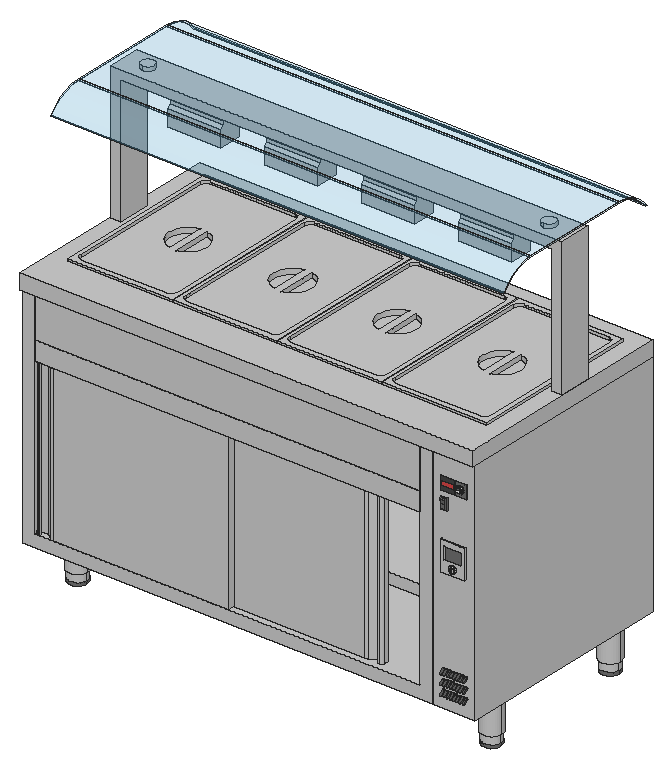
Revit family "QF_INOMAK_MRV714_250606101118", category Specialty Equipment, Revit 2021
Family settings
  Round Connector Dimension = Use Diameter
  Part Type = Normal
  OmniClass Number = 23.40.40.14
  OmniClass Title = Food Service Equipment
  Work Plane-Based = No
  Always vertical = Yes
  Cut with Voids When Loaded = No
  Shared = No
  Room Calculation Point = No
Parameters (values of type "MRV714")
  Weight [instance] = 86.0011 kg
  Waste Water Discharge Temperature [instance] = 0 °C
  Waste Remarks [instance] = ""
  Warranty Start Date [instance] = ""
  Warranty Duration [instance] = ""
  Volts [instance] = 230 V
  Volt Free Conn [instance] = no
  URL Recommended Spares List [instance] = ""
  URL Manufacturer [instance] = ""
  URL Cutsheet [instance] = ""
  URL Critical Spares List [instance] = ""
  URL = "www.inomak.com"
  Technical Documentation [instance] = ""
  Tag Number [instance] = ""
  Status [instance] = ""
  Start Up Current [instance] = 0 A
  Specification by User [instance] = ""
  Specification by Manufacturer [instance] = ""
  Sound Level [instance] = ""
  Show Logo [instance] = yes
  Show Clearances [instance] = yes
  Service Life Duration [instance] = ""
  Serial Number [instance] = ""
  Seismic Rating [instance] = ""
  SMACNA No [instance] = ""
  Revision Code [instance] = ""
  Revision [instance] = ""
  Production Year [instance] = ""
  Potential Equalisation [instance] = no
  Point Load [instance] = 0
  Plumbing Remarks [instance] = ""
  Plumbing Connection Type [instance] = ""
  Phase [instance] = 1
  Other Equipment Approvals [instance] = ""
  Operational Current [instance] = 0 A
  Odor Trap Included [instance] = no
  Number of Poles [instance] = 2
  No Load Power Draw [instance] = no
  National Water Regulation Certification [instance] = no
  NAFEM Spec ID Number [instance] = ""
  Model Warning [instance] = ""
  Model = "MRV714"
  Min Ckt Ampacity [instance] = 0 A
  Max Overcurrent Protection [instance] = 16 A
  Masterspec [instance] = ""
  Manufacturer = "INOMAK"
  Main switch integrated [instance] = no
  Length Actual [instance] = 1405.89 mm
  Item Number [instance] = ""
  Installed By [instance] = ""
  Installation Date [instance] = ""
  Indirect Waste Size [instance] = 25.4 mm
  Indirect Waste Remarks [instance] = ""
  Indirect Waste Flow [instance] = 0.0 L/s
  Indirect Waste Connection Type [instance] = ""
  Indirect Waste Connection Height [instance] = 0 mm
  Identify Quantity as Lot [instance] = no
  ID [instance] = ""
  Hygiene Approval [instance] = ""
  Height Actual [instance] = 1312.926 mm
  HP power [instance] = ""
  Furnished By [instance] = ""
  Foodservice Equipment Identifier [instance] = no
  FL Amps [instance] = 11 A
  Electrical Remarks [instance] = ""
  Electric power [instance] = 2520 W
  Electric Connection Type [instance] = ""
  Elec Conn RI Height [instance] = 0 mm
  Elec Conn Connection Height [instance] = 0 mm
  ETL Approved [instance] = no
  Direct Waste Water Discharge Temperature [instance] = -273.15 °C
  Direct Waste Size [instance] = 25.4 mm
  Direct Waste RI Height [instance] = 0 mm
  Direct Waste Flow [instance] = 0.0 L/s
  Direct Waste Connection Height [instance] = 0 mm
  Description = "BAIN MARIE ON CUPBOARD WITH 3 GN PANS CAPACITY AND DOUBLE SNEEZE GUARD"
  Depth Actual [instance] = 700.024 mm
  Default Elevation = 0 mm
  Cycle [instance] = 50 Hz
  Cost = 0
  Connection to energy optimisation system [instance] = yes
  Conn Plug [instance] = ""
  Conn Conduit [instance] = no
  Cold Water Temperature Recommended [instance] = 0 °C
  Cold Water Size [instance] = 12.7 mm
  Cold Water Remarks [instance] = ""
  Cold Water RI Height [instance] = 0 mm
  Cold Water Quality [instance] = ""
  Cold Water Minimum Pressure [instance] = 200000.0 Pa
  Cold Water Maximum Pressure [instance] = 600000.0 Pa
  Cold Water Flow [instance] = 0.0 L/s
  Cold Water Connection Type [instance] = ""
  Cold Water Connection Height [instance] = 0 mm
  Centralized building control system with digital interface [instance] = ""
  CSI MasterFormat [instance] = ""
  CE Approved [instance] = no
  Barcode [instance] = 0
  Author [instance] = ""
  Asset Identifier [instance] = ""
  Apparent Power [instance] = 2520 VA
  Accessory [instance] = no
Reference planes
  plane 1 "Center (Front/Back)": y = 0
  plane 2: z = 0
  plane 3 "Center (Left/Right)": x = 0
Forms (mm)
  Extrusion 1, solid, not visible
    sketch origin (110.005, -510.025, 146.007) x (1, 0, 0) y (0, 1, 0)
      loop
        line (-2, 2) -> (-2, -2) -> (2, -2) -> (2, 2) -> (-2, 2)
    from -2 to 2
  Extrusion 2, solid, not visible
    sketch origin (110.005, -410.02, 146.007) x (1, 0, 0) y (0, 1, 0)
      loop
        line (-2, 2) -> (-2, -2) -> (2, -2) -> (2, 2) -> (-2, 2)
    from -2 to 2
  Extrusion 3, solid, not visible
    sketch origin (1360.066, -635.031, 146.007) x (1, 0, 0) y (0, 1, 0)
      loop
        line (-2, 2) -> (-2, -2) -> (2, -2) -> (2, 2) -> (-2, 2)
    from -2 to 2
Dimensions and locks
  locked: nested 2 to Extrusion 1 at 2  (x2)
  locked: nested 3 to Extrusion 2 at 2  (x2)
  locked: nested 4 to Extrusion 3 at 2  (x2)
  aligned and locked: level to plane 2
Nested families
  nested 1: "QF_INOMAK_CUPBOARD_BAIN_MARIES_1410_2920" at (0, 0, 144), type "MRV714"
    with Weight 86.0011 kg, Warranty Start Date "", Warranty Duration "", URL Cutsheet "", Technical Documentation "", Tag Number "", Status "", Specification by User "", Specification by Manufacturer "", Sound Level "", Solid Fuel Type "", Show Logo yes, Show Clearances yes, Service Life Duration "", Serial Number "", Seismic Rating "", SMACNA No "", Revision Code "", Revision "", Production Year "", Point Load 0, Other Equipment Approvals "", NAFEM Spec ID Number "", Model Warning "", Masterspec "", Length Actual 1405.89 mm, Item Number "", Installed By "", Installation Date "", Identify Quantity as Lot yes, ID "", Hygiene Approval "", Height Actual 1312.926 mm, Furnished By "", Foodservice Equipment Identifier yes, ETL Approved yes, Depth Actual 700.024 mm, CSI MasterFormat "", CE Approved yes, Barcode "", Author "", Asset Identifier "", Accessory no
  nested 2: "CONN_POINT_COLDWATER_2D___Generic_Annotation" at (110.005, -510.025, 144.007), type "CONN_POINT_COLDWATER_2D___Generic_Annotation"
    with Onboard connection annotation symbol visibility yes
  nested 3: "CONN_POINT_DRAIN_2D___Generic_Annotation" at (110.005, -410.02, 144.007), type "CONN_POINT_DRAIN_2D___Generic_Annotation"
    with Onboard connection annotation symbol visibility yes
  nested 4: "CONN_POINT_ELE_2D___Generic_Annotation" at (1360.066, -635.031, 144.007), type "CONN_POINT_ELE_2D___Generic_Annotation"
    with Onboard connection annotation symbol visibility yes
  nested 5: "QF_INOMAK_HEAT_WORKTOPS_HTDS_1410_5042" at (0, 0, 900), type "HTDS-1410-630"
    with Weight 0.00 kg, Warranty Start Date "", Warranty Duration "", URL Cutsheet "", Technical Documentation "", Tag Number "", Status "", Specification by User "", Specification by Manufacturer "", Sound Level "", Solid Fuel Type "", Show Logo yes, Show Clearances yes, Service Life Duration "", Serial Number "", Seismic Rating "", SMACNA No "", Revision Code "", Revision "", Production Year "", Point Load 0, Other Equipment Approvals "", NAFEM Spec ID Number "", Model Warning "", Masterspec "", Length Actual 1405.89 mm, Item Number "", Installed By "", Installation Date "", Identify Quantity as Lot yes, ID "", Hygiene Approval "", Height Actual 439.928 mm, Furnished By "", Foodservice Equipment Identifier yes, ETL Approved yes, Depth Actual 629.92 mm, CSI MasterFormat "", CE Approved yes, Barcode "", Author "", Asset Identifier "", Accessory yes
  nested 6: "QF_INOMAK_LEGS_6114" at (0, 0, 0), type "LG-1410-700"
    with Weight 0.00 kg, Warranty Start Date "", Warranty Duration "", URL Cutsheet "", Technical Documentation "", Tag Number "", Status "", Specification by User "", Specification by Manufacturer "", Sound Level "", Solid Fuel Type "", Show Logo yes, Show Clearances yes, Service Life Duration "", Serial Number "", Seismic Rating "", SMACNA No "", Revision Code "", Revision "", Production Year "", Point Load 0, Other Equipment Approvals "", NAFEM Spec ID Number "", Model Warning "", Masterspec "", Length Actual 1405.89 mm, Item Number "", Installed By "", Installation Date "", Identify Quantity as Lot yes, ID "", Hygiene Approval "", Height Actual 144.018 mm, Furnished By "", Foodservice Equipment Identifier yes, ETL Approved yes, Depth Actual 700.024 mm, CSI MasterFormat "", CE Approved yes, Barcode "", Author "", Asset Identifier "", Accessory yes
Connectors
  piping at (110.005, -510.025, 144.007), diameter 12.7, driven by "Cold Water Size", driven by "Cold Water Flow"
    settings: on Extrusion 1, index 1, connector inside diameter 609.6 mm, connector length 0 mm, flow factor 0, pipe flow 0.0 L/s, pressure drop 0.0 Pa, fitting loss kfactor 0, connector angle 0.00°, fixture units 0, engagement length 0 mm, angle of deflection 0.00°, flow configuration 1, flow direction 1, fitting loss method 0, system type 20, joint type 0, gender type 0, connector reference index -1, connector utility 0, adjustable connector no, is connector primary yes, connector description "Cold Water connection for MRV714"
  piping at (110.005, -410.02, 144.007), diameter 25.4, driven by "Indirect Waste Size", driven by "Direct Waste Flow"
    settings: on Extrusion 2, index 2, connector inside diameter 609.6 mm, connector length 0 mm, flow factor 0, pipe flow 0.0 L/s, pressure drop 0.0 Pa, fitting loss kfactor 0, connector angle 0.00°, fixture units 0, engagement length 0 mm, angle of deflection 0.00°, flow configuration 1, flow direction 2, fitting loss method 0, system type 16, joint type 0, gender type 0, connector reference index -1, connector utility 0, adjustable connector no, is connector primary no, connector description "Waste connection for MRV714"
  electrical at (1360.066, -635.031, 144.007), driven by "Apparent Power", driven by "Number of Poles", driven by "Volts"
    settings: on Extrusion 3, index 3, voltage 230 V, apparent load 0 VA, apparent load phase1 2520 VA, apparent load phase2 0 VA, apparent load phase3 0 VA, power factor 1, load classification "Other", number of poles 2, system type 31, power factor state 1, is connector primary yes, connector utility no, sub classification motor no, connector description "Electrical connection for MRV714"
Definition of nested family "QF_INOMAK_CUPBOARD_BAIN_MARIES_1410_2920"
  Parameters (values of type "MFV714")
    Weight [instance] = 0.00 kg
    Warranty Start Date [instance] = ""
    Warranty Duration [instance] = ""
    URL Cutsheet [instance] = ""
    URL = "www.inomak.com"
    Technical Documentation [instance] = ""
    Tag Number [instance] = ""
    Status [instance] = ""
    Specification by User [instance] = ""
    Specification by Manufacturer [instance] = ""
    Sound Level [instance] = ""
    Solid Fuel Type [instance] = ""
    Show Logo [instance] = yes
    Show Clearances [instance] = yes
    Service Life Duration [instance] = ""
    Serial Number [instance] = ""
    Seismic Rating [instance] = ""
    SMACNA No [instance] = ""
    Revision Code [instance] = ""
    Revision [instance] = ""
    Production Year [instance] = ""
    Point Load [instance] = 0
    Other Equipment Approvals [instance] = ""
    NAFEM Spec ID Number [instance] = ""
    Model Warning [instance] = ""
    Model = "MFV714"
    Masterspec [instance] = ""
    Manufacturer = "INOMAK"
    Length Actual [instance] = 0 mm
    Item Number [instance] = ""
    Installed By [instance] = ""
    Installation Date [instance] = ""
    Identify Quantity as Lot [instance] = yes
    ID [instance] = ""
    Hygiene Approval [instance] = ""
    Height Actual [instance] = 0 mm
    Furnished By [instance] = ""
    Foodservice Equipment Identifier [instance] = yes
    ETL Approved [instance] = yes
    Description = "BAIN MARIE ON CUPBOARD WITH 3 GN PANS CAPACITY AND SHOWCASE"
    Depth Actual [instance] = 0 mm
    Default Elevation = 0 mm
    CSI MasterFormat [instance] = ""
    CE Approved [instance] = yes
    Barcode [instance] = ""
    Author [instance] = ""
    Asset Identifier [instance] = ""
    Assembly Code = "E1090320"
    Accessory [instance] = yes
  Types (10, lengths in mm): name | Model | Description
    MFV714 | "MFV714" | "BAIN MARIE ON CUPBOARD WITH 3 GN PANS CAPACITY AND SHOWCASE"
    MDV714 | "MDV714" | "BAIN MARIE ON CUPBOARD WITH 3 GN PANS CAPACITY"
    MVV714 | "MVV714" | "BAIN MARIE ON CUPBOARD WITH 3 GN PANS CAPACITY AND SINGLE SNEEZE GUARD"
    MRV714 | "MRV714" | "BAIN MARIE ON CUPBOARD WITH 3 GN PANS CAPACITY AND DOUBLE SNEEZE GUARD"
    MFSQ714 | "MFSQ714" | "BAIN MARIE ON CUPBOARD WITH 3 GN PANS CAPACITY AND SQUARE SHOWCASE"
    MIV714 | "MIV714" | "BAIN MARIE ON HEATED CUPBOARD WITH 3 GN PANS CAPACITY AND SHOWCASE"
    MHV714 | "MHV714" | "BAIN MARIE ON HEATED CUPBOARD WITH 3 GN PANS CAPACITY"
    MJV714 | "MJV714" | "BAIN MARIE ON HEATED CUPBOARD WITH 3 GN PANS CAPACITY AND SINGLE SNEEZE GUARD"
    MQV714 | "MQV714" | "BAIN MARIE ON HEATED CUPBOARD WITH 3 GN PANS CAPACITY AND DOUBLE SNEEZE GUARD"
    MISQ714 | "MISQ714" | "BAIN MARIE ON HEATED CUPBOARD WITH 3 GN PANS CAPACITY AND SQUARE SHOWCASE"
  Reference planes
    plane 1 "Back": y = 0
    plane 2: z = 0
    plane 3 "Left": x = 0
    plane 4 "Right": x = 1406
    plane 5 "Front": y = -700
    plane 6 "Top": z = 756
  Forms (mm)
    Extrusion 1, solid
      sketch origin (784.283, -707, -123.631) x (-1, 0, 0) y (0, 0, 1)
        loop
          arc (-522.253, 235.165) -> (-526.351, 236.263) -> (-527.449, 232.165) r 3
          line (-527.449, 232.165) -> (-518.449, 216.577)
          arc (-518.449, 216.577) -> (-514.351, 215.479) -> (-513.253, 219.577) r 3
          line (-513.253, 219.577) -> (-522.253, 235.165)
        loop
          arc (-532.253, 235.165) -> (-536.351, 236.263) -> (-537.449, 232.165) r 3
          line (-537.449, 232.165) -> (-528.449, 216.577)
          arc (-528.449, 216.577) -> (-524.351, 215.479) -> (-523.253, 219.577) r 3
          line (-523.253, 219.577) -> (-532.253, 235.165)
        loop
          arc (-542.253, 235.165) -> (-546.351, 236.263) -> (-547.449, 232.165) r 3
          line (-547.449, 232.165) -> (-538.449, 216.577)
          arc (-538.449, 216.577) -> (-534.351, 215.479) -> (-533.253, 219.577) r 3
          line (-533.253, 219.577) -> (-542.253, 235.165)
        loop
          arc (-552.253, 235.165) -> (-556.351, 236.263) -> (-557.449, 232.165) r 3
          line (-557.449, 232.165) -> (-548.449, 216.577)
          arc (-548.449, 216.577) -> (-544.351, 215.479) -> (-543.253, 219.577) r 3
          line (-543.253, 219.577) -> (-552.253, 235.165)
        loop
          arc (-562.253, 235.165) -> (-566.351, 236.263) -> (-567.449, 232.165) r 3
          line (-567.449, 232.165) -> (-558.449, 216.577)
          arc (-558.449, 216.577) -> (-554.351, 215.479) -> (-553.253, 219.577) r 3
          line (-553.253, 219.577) -> (-562.253, 235.165)
        loop
          arc (-572.253, 235.165) -> (-576.351, 236.263) -> (-577.449, 232.165) r 3
          line (-577.449, 232.165) -> (-568.449, 216.577)
          arc (-568.449, 216.577) -> (-564.351, 215.479) -> (-563.253, 219.577) r 3
          line (-563.253, 219.577) -> (-572.253, 235.165)
        loop
          arc (-582.253, 235.165) -> (-586.351, 236.263) -> (-587.449, 232.165) r 3
          line (-587.449, 232.165) -> (-578.449, 216.577)
          arc (-578.449, 216.577) -> (-574.351, 215.479) -> (-573.253, 219.577) r 3
          line (-573.253, 219.577) -> (-582.253, 235.165)
        loop
          arc (-592.253, 235.165) -> (-596.351, 236.263) -> (-597.449, 232.165) r 3
          line (-597.449, 232.165) -> (-588.449, 216.577)
          arc (-588.449, 216.577) -> (-584.351, 215.479) -> (-583.253, 219.577) r 3
          line (-583.253, 219.577) -> (-592.253, 235.165)
        loop
          arc (-522.253, 205.165) -> (-526.351, 206.263) -> (-527.449, 202.165) r 3
          line (-527.449, 202.165) -> (-518.449, 186.577)
          arc (-518.449, 186.577) -> (-514.351, 185.479) -> (-513.253, 189.577) r 3
          line (-513.253, 189.577) -> (-522.253, 205.165)
        loop
          arc (-532.253, 205.165) -> (-536.351, 206.263) -> (-537.449, 202.165) r 3
          line (-537.449, 202.165) -> (-528.449, 186.577)
          arc (-528.449, 186.577) -> (-524.351, 185.479) -> (-523.253, 189.577) r 3
          line (-523.253, 189.577) -> (-532.253, 205.165)
        loop
          arc (-542.253, 205.165) -> (-546.351, 206.263) -> (-547.449, 202.165) r 3
          line (-547.449, 202.165) -> (-538.449, 186.577)
          arc (-538.449, 186.577) -> (-534.351, 185.479) -> (-533.253, 189.577) r 3
          line (-533.253, 189.577) -> (-542.253, 205.165)
        loop
          arc (-552.253, 205.165) -> (-556.351, 206.263) -> (-557.449, 202.165) r 3
          line (-557.449, 202.165) -> (-548.449, 186.577)
          arc (-548.449, 186.577) -> (-544.351, 185.479) -> (-543.253, 189.577) r 3
          line (-543.253, 189.577) -> (-552.253, 205.165)
        loop
          arc (-562.253, 205.165) -> (-566.351, 206.263) -> (-567.449, 202.165) r 3
          line (-567.449, 202.165) -> (-558.449, 186.577)
          arc (-558.449, 186.577) -> (-554.351, 185.479) -> (-553.253, 189.577) r 3
          line (-553.253, 189.577) -> (-562.253, 205.165)
        loop
          arc (-572.253, 205.165) -> (-576.351, 206.263) -> (-577.449, 202.165) r 3
          line (-577.449, 202.165) -> (-568.449, 186.577)
          arc (-568.449, 186.577) -> (-564.351, 185.479) -> (-563.253, 189.577) r 3
          line (-563.253, 189.577) -> (-572.253, 205.165)
        loop
          arc (-582.253, 205.165) -> (-586.351, 206.263) -> (-587.449, 202.165) r 3
          line (-587.449, 202.165) -> (-578.449, 186.577)
          arc (-578.449, 186.577) -> (-574.351, 185.479) -> (-573.253, 189.577) r 3
          line (-573.253, 189.577) -> (-582.253, 205.165)
        loop
          arc (-592.253, 205.165) -> (-596.351, 206.263) -> (-597.449, 202.165) r 3
          line (-597.449, 202.165) -> (-588.449, 186.577)
          arc (-588.449, 186.577) -> (-584.351, 185.479) -> (-583.253, 189.577) r 3
          line (-583.253, 189.577) -> (-592.253, 205.165)
        loop
          arc (-522.253, 175.165) -> (-526.351, 176.263) -> (-527.449, 172.165) r 3
          line (-527.449, 172.165) -> (-518.449, 156.577)
          arc (-518.449, 156.577) -> (-514.351, 155.479) -> (-513.253, 159.577) r 3
          line (-513.253, 159.577) -> (-522.253, 175.165)
        loop
          arc (-532.253, 175.165) -> (-536.351, 176.263) -> (-537.449, 172.165) r 3
          line (-537.449, 172.165) -> (-528.449, 156.577)
          arc (-528.449, 156.577) -> (-524.351, 155.479) -> (-523.253, 159.577) r 3
          line (-523.253, 159.577) -> (-532.253, 175.165)
        loop
          arc (-542.253, 175.165) -> (-546.351, 176.263) -> (-547.449, 172.165) r 3
          line (-547.449, 172.165) -> (-538.449, 156.577)
          arc (-538.449, 156.577) -> (-534.351, 155.479) -> (-533.253, 159.577) r 3
          line (-533.253, 159.577) -> (-542.253, 175.165)
        loop
          arc (-552.253, 175.165) -> (-556.351, 176.263) -> (-557.449, 172.165) r 3
          line (-557.449, 172.165) -> (-548.449, 156.577)
          arc (-548.449, 156.577) -> (-544.351, 155.479) -> (-543.253, 159.577) r 3
          line (-543.253, 159.577) -> (-552.253, 175.165)
        loop
          arc (-562.253, 175.165) -> (-566.351, 176.263) -> (-567.449, 172.165) r 3
          line (-567.449, 172.165) -> (-558.449, 156.577)
          arc (-558.449, 156.577) -> (-554.351, 155.479) -> (-553.253, 159.577) r 3
          line (-553.253, 159.577) -> (-562.253, 175.165)
        loop
          arc (-572.253, 175.165) -> (-576.351, 176.263) -> (-577.449, 172.165) r 3
          line (-577.449, 172.165) -> (-568.449, 156.577)
          arc (-568.449, 156.577) -> (-564.351, 155.479) -> (-563.253, 159.577) r 3
          line (-563.253, 159.577) -> (-572.253, 175.165)
        loop
          arc (-582.253, 175.165) -> (-586.351, 176.263) -> (-587.449, 172.165) r 3
          line (-587.449, 172.165) -> (-578.449, 156.577)
          arc (-578.449, 156.577) -> (-574.351, 155.479) -> (-573.253, 159.577) r 3
          line (-573.253, 159.577) -> (-582.253, 175.165)
        loop
          arc (-592.253, 175.165) -> (-596.351, 176.263) -> (-597.449, 172.165) r 3
          line (-597.449, 172.165) -> (-588.449, 156.577)
          arc (-588.449, 156.577) -> (-584.351, 155.479) -> (-583.253, 159.577) r 3
          line (-583.253, 159.577) -> (-592.253, 175.165)
      from 16.5 to 18.5
    Extrusion 2, solid
      sketch origin (1092.266, -692, 538.514) x (-1, 0, 0) y (0, 0, 1)
        loop
          line (-208.234, 108.408) -> (-253.234, 108.408) -> (-253.234, 68.408) -> (-208.234, 68.408) -> (-208.234, 108.408)
      from 0 to 2
    Extrusion 3, solid
      sketch origin (370.5, -693, 539.422) x (-1, 0, 0) y (0, 0, 1)
        loop
          line (-950, 15) -> (-930, 15) -> (-930, 50) -> (-950, 50) -> (-950, 15)
      from 0 to 3
    Extrusion 4, solid
      sketch origin (398.5, -568, 539.422) x (0, 1, 0) y (0, 0, 1)
        loop
          line (-125, 18) -> (-125, 47)
          arc (-125, 47) -> (-127.961, 46.812) -> (-130.754, 45.81) r 10.576
          line (-130.754, 45.81) -> (-128, 32.5) -> (-128, 18) -> (-125, 18)
      from 905 to 919
    Extrusion 5, solid
      sketch origin (1137.266, -692, 538.514) x (-1, 0, 0) y (0, 0, 1)
        loop
          line (-208.234, 108.408) -> (-243.234, 108.408) -> (-243.234, 68.408) -> (-208.234, 68.408) -> (-208.234, 108.408)
      from 0 to 2
    Extrusion 6, solid
      sketch origin (1092.266, -692.5, 538.514) x (-1, 0, 0) y (0, 0, 1)
        loop
          line (-213.234, 94.908) -> (-248.234, 94.908) -> (-248.234, 81.908) -> (-213.234, 81.908) -> (-213.234, 94.908)
      from 0 to 2.5
    Extrusion 7, solid
      sketch origin (1092.266, -692.5, 538.514) x (-1, 0, 0) y (0, 0, 1)
        loop
          line (-271.558, 91.171) -> (-275.802, 98.522) -> (-280.047, 91.171) -> (-271.558, 91.171)
        loop
          line (-271.558, 85.645) -> (-280.047, 85.645) -> (-275.802, 78.294) -> (-271.558, 85.645)
        loop
          line (-257.397, 85.645) -> (-267.397, 85.645) -> (-267.397, 78.294) -> (-257.397, 78.294) -> (-257.397, 85.645)
        loop
          line (-265.397, 98.522) -> (-267.397, 98.522) -> (-267.397, 92.322) -> (-259.549, 92.322) -> (-259.549, 91.171) -> (-257.397, 93.322) -> (-259.549, 95.474) -> (-259.549, 94.322) -> (-265.397, 94.322) -> (-265.397, 98.522)
      from 0 to 2.5
    Extrusion 8, solid
      sketch origin (-2, 0, 492) x (1, 0, 0) y (0, 1, 0)
        loop
          line (55, -50) -> (55, -580) -> (380, -580) -> (380, -50) -> (55, -50)
        loop
          arc (87.5, -65) -> (73.358, -70.858) -> (67.5, -85) r 20
          line (67.5, -85) -> (67.5, -545.415)
          arc (67.5, -545.415) -> (73.358, -559.557) -> (87.5, -565.415) r 20
          line (87.5, -565.415) -> (347.5, -565.415)
          arc (347.5, -565.415) -> (361.642, -559.557) -> (367.5, -545.415) r 20
          line (367.5, -545.415) -> (367.5, -85)
          arc (367.5, -85) -> (361.642, -70.858) -> (347.5, -65) r 20
          line (347.5, -65) -> (87.5, -65)
      from 218 to 270
    Extrusion 9, solid
      sketch origin (-2, 0, 485) x (1, 0, 0) y (0, 1, 0)
        loop
          arc (67.5, -545.415) -> (73.358, -559.557) -> (87.5, -565.415) r 20
          line (87.5, -565.415) -> (347.5, -565.415)
          arc (347.5, -565.415) -> (361.642, -559.557) -> (367.5, -545.415) r 20
          line (367.5, -545.415) -> (367.5, -85)
          arc (367.5, -85) -> (361.642, -70.858) -> (347.5, -65) r 20
          line (347.5, -65) -> (87.5, -65)
          arc (87.5, -65) -> (73.358, -70.858) -> (67.5, -85) r 20
          line (67.5, -85) -> (67.5, -545.415)
      from 225 to 270
    Extrusion 10, void
      sketch origin (-2, 0, 500) x (1, 0, 0) y (0, 1, 0)
        loop
          arc (207.5, -256.046) -> (157.5, -315.207) -> (207.5, -374.368) r 60
          line (207.5, -374.368) -> (207.5, -256.046)
        loop
          line (227.5, -256.046) -> (227.5, -374.368)
          arc (227.5, -374.368) -> (277.5, -315.207) -> (227.5, -256.046) r 60
      from 240 to 270
    Extrusion 11, solid
      sketch origin (323, 0, 492) x (1, 0, 0) y (0, 1, 0)
        loop
          line (55, -50) -> (55, -580) -> (380, -580) -> (380, -50) -> (55, -50)
        loop
          arc (87.5, -65) -> (73.358, -70.858) -> (67.5, -85) r 20
          line (67.5, -85) -> (67.5, -545.415)
          arc (67.5, -545.415) -> (73.358, -559.557) -> (87.5, -565.415) r 20
          line (87.5, -565.415) -> (347.5, -565.415)
          arc (347.5, -565.415) -> (361.642, -559.557) -> (367.5, -545.415) r 20
          line (367.5, -545.415) -> (367.5, -85)
          arc (367.5, -85) -> (361.642, -70.858) -> (347.5, -65) r 20
          line (347.5, -65) -> (87.5, -65)
      from 218 to 270
    Extrusion 12, solid
      sketch origin (323, 0, 485) x (1, 0, 0) y (0, 1, 0)
        loop
          arc (67.5, -545.415) -> (73.358, -559.557) -> (87.5, -565.415) r 20
          line (87.5, -565.415) -> (347.5, -565.415)
          arc (347.5, -565.415) -> (361.642, -559.557) -> (367.5, -545.415) r 20
          line (367.5, -545.415) -> (367.5, -85)
          arc (367.5, -85) -> (361.642, -70.858) -> (347.5, -65) r 20
          line (347.5, -65) -> (87.5, -65)
          arc (87.5, -65) -> (73.358, -70.858) -> (67.5, -85) r 20
          line (67.5, -85) -> (67.5, -545.415)
      from 225 to 270
    Extrusion 13, void
      sketch origin (323, 0, 500) x (1, 0, 0) y (0, 1, 0)
        loop
          arc (207.5, -256.046) -> (157.5, -315.207) -> (207.5, -374.368) r 60
          line (207.5, -374.368) -> (207.5, -256.046)
        loop
          line (227.5, -256.046) -> (227.5, -374.368)
          arc (227.5, -374.368) -> (277.5, -315.207) -> (227.5, -256.046) r 60
      from 240 to 270
    Extrusion 14, solid
      sketch origin (973, 0, 492) x (1, 0, 0) y (0, 1, 0)
        loop
          line (55, -50) -> (55, -580) -> (380, -580) -> (380, -50) -> (55, -50)
        loop
          arc (87.5, -65) -> (73.358, -70.858) -> (67.5, -85) r 20
          line (67.5, -85) -> (67.5, -545.415)
          arc (67.5, -545.415) -> (73.358, -559.557) -> (87.5, -565.415) r 20
          line (87.5, -565.415) -> (347.5, -565.415)
          arc (347.5, -565.415) -> (361.642, -559.557) -> (367.5, -545.415) r 20
          line (367.5, -545.415) -> (367.5, -85)
          arc (367.5, -85) -> (361.642, -70.858) -> (347.5, -65) r 20
          line (347.5, -65) -> (87.5, -65)
      from 218 to 270
    Extrusion 15, solid
      sketch origin (973, 0, 485) x (1, 0, 0) y (0, 1, 0)
        loop
          arc (67.5, -545.415) -> (73.358, -559.557) -> (87.5, -565.415) r 20
          line (87.5, -565.415) -> (347.5, -565.415)
          arc (347.5, -565.415) -> (361.642, -559.557) -> (367.5, -545.415) r 20
          line (367.5, -545.415) -> (367.5, -85)
          arc (367.5, -85) -> (361.642, -70.858) -> (347.5, -65) r 20
          line (347.5, -65) -> (87.5, -65)
          arc (87.5, -65) -> (73.358, -70.858) -> (67.5, -85) r 20
          line (67.5, -85) -> (67.5, -545.415)
      from 225 to 270
    Extrusion 16, void
      sketch origin (973, 0, 500) x (1, 0, 0) y (0, 1, 0)
        loop
          arc (207.5, -256.046) -> (157.5, -315.207) -> (207.5, -374.368) r 60
          line (207.5, -374.368) -> (207.5, -256.046)
        loop
          line (227.5, -256.046) -> (227.5, -374.368)
          arc (227.5, -374.368) -> (277.5, -315.207) -> (227.5, -256.046) r 60
      from 240 to 270
    Extrusion 17, solid
      sketch origin (0, 0, 710) x (1, 0, 0) y (0, 1, 0)
        loop
          line (0, 0) -> (0, -700) -> (1406, -700) -> (1406, 0) -> (0, 0)
        loop
          line (53, -50) -> (53, -580) -> (1353, -580) -> (1353, -50) -> (53, -50)
      from 0 to 46
    Extrusion 18, solid
      sketch origin (0, 0, 0) x (1, 0, 0) y (0, 1, 0)
        loop
          line (0, -690) -> (40, -690) -> (40, -40) -> (1235, -40) -> (1235, -690) -> (1275, -690) -> (1275, 0) -> (0, 0) -> (0, -690)
      from 0 to 710
    Extrusion 19, solid
      sketch origin (303, 0, 0) x (1, 0, 0) y (0, 1, 0)
        loop
          line (972, 0) -> (972, -690) -> (1103, -690) -> (1103, 0) -> (972, 0)
      from 0 to 710
    Extrusion 20, solid
      sketch origin (-130, -690, 0) x (-1, 0, 0) y (0, 1, 0)
        loop
          line (-170, 10) -> (-170, 20) -> (-770, 20) -> (-770, 0) -> (-226.156, 0)
          arc (-226.156, 0) -> (-220.272, 0.885) -> (-214.91, 3.461) r 20
          line (-214.91, 3.461) -> (-195, 17) -> (-173, 17) -> (-173, 10)
          arc (-173, 10) -> (-175.05, 5.05) -> (-180, 3) r 7
          line (-180, 3) -> (-185.012, 3) -> (-185.012, 0) -> (-180, 0)
          arc (-180, 0) -> (-172.929, 2.929) -> (-170, 10) r 10
      from -40 to -520
    Extrusion 21, solid
      sketch origin (173, -690, 0) x (-1, 0, 0) y (0, 1, 0)
        loop
          arc (-930, 30) -> (-927.071, 22.929) -> (-920, 20) r 10
          line (-920, 20) -> (-914.988, 20) -> (-914.988, 23) -> (-920, 23)
          arc (-920, 23) -> (-924.95, 25.05) -> (-927, 30) r 7
          line (-927, 30) -> (-927, 37) -> (-905, 37) -> (-885.09, 23.461)
          arc (-885.09, 23.461) -> (-879.728, 20.885) -> (-873.844, 20) r 20
          line (-873.844, 20) -> (-325, 20) -> (-325, 40) -> (-930, 40) -> (-930, 30)
      from -40 to -520
    Extrusion 22, solid
      sketch origin (0, 0, 0) x (1, 0, 0) y (0, 1, 0)
        loop
          line (40, -40) -> (40, -690) -> (1235, -690) -> (1235, -40) -> (40, -40)
      from 0 to 40
    Extrusion 23, solid
      sketch origin (0, 0, 672.314) x (1, 0, 0) y (0, 1, 0)
        loop
          line (40, -40) -> (40, -690) -> (1235, -690) -> (1235, -40) -> (40, -40)
      from -92.314 to 37.686
    Extrusion 24, solid
      sketch origin (0, 0, 610.314) x (1, 0, 0) y (0, 1, 0)
        loop
          line (40, -40) -> (40, -690) -> (1235, -690) -> (1235, -40) -> (40, -40)
      from -90.314 to -30.314
    Extrusion 25, solid
      sketch origin (-2, 0, 252.5) x (1, 0, 0) y (0, 1, 0)
        loop
          line (42, -40) -> (42, -645) -> (1237, -645) -> (1237, -40) -> (42, -40)
      from 0 to 35
    Extrusion 26, solid
      sketch origin (310.002, -695, 50) x (-1, 0, 0) y (0, 0, 1)
        loop
          line (-992.998, 421.076) -> (-1067.998, 421.076) -> (-1067.998, 331.076) -> (-992.998, 331.076) -> (-992.998, 421.076)
        loop
          line (-1003.957, 406.276) -> (-1058.957, 406.276) -> (-1058.957, 366.276) -> (-1003.957, 366.276) -> (-1003.957, 406.276)
      from 0 to 5
    Extrusion 27, solid
      sketch origin (310.002, -692, 50) x (-1, 0, 0) y (0, 0, 1)
        loop
          line (-1003.957, 406.276) -> (-1058.957, 406.276) -> (-1058.957, 366.276) -> (-1003.957, 366.276) -> (-1003.957, 406.276)
      from 0 to 2
    Revolve 28, solid
      sketch origin (1340.5, 59.612, -3292.415) x (0, 1, 0) y (0, 0, 1)
        loop
          line (-757.012, 3691.152) -> (-754.612, 3691.152) -> (-754.612, 3701.789) -> (-757.662, 3701.789) -> (-759.012, 3699.998) -> (-757.012, 3699.998) -> (-757.012, 3691.152)
        axis (-754.612, 3691.152) -> (-759.012, 3691.152)
      angle from 0 to 360
    Extrusion 29, solid
      sketch origin (-751.127, -695, 2689.585) x (-1, 0, 0) y (0, 0, 1)
        loop
          line (-2090.827, -2287.348) -> (-2092.827, -2287.348) -> (-2092.827, -2294.348) -> (-2090.827, -2294.348) -> (-2090.827, -2287.348)
        loop
          circle (-2091.627, -2290.848) r 7.846
      from -4.4 to -2.4
    Extrusion 30, solid
      sketch origin (648, 0, 492) x (1, 0, 0) y (0, 1, 0)
        loop
          line (55, -50) -> (55, -580) -> (380, -580) -> (380, -50) -> (55, -50)
        loop
          arc (87.5, -65) -> (73.358, -70.858) -> (67.5, -85) r 20
          line (67.5, -85) -> (67.5, -545.415)
          arc (67.5, -545.415) -> (73.358, -559.557) -> (87.5, -565.415) r 20
          line (87.5, -565.415) -> (347.5, -565.415)
          arc (347.5, -565.415) -> (361.642, -559.557) -> (367.5, -545.415) r 20
          line (367.5, -545.415) -> (367.5, -85)
          arc (367.5, -85) -> (361.642, -70.858) -> (347.5, -65) r 20
          line (347.5, -65) -> (87.5, -65)
      from 218 to 270
    Extrusion 31, solid
      sketch origin (648, 0, 485) x (1, 0, 0) y (0, 1, 0)
        loop
          arc (67.5, -545.415) -> (73.358, -559.557) -> (87.5, -565.415) r 20
          line (87.5, -565.415) -> (347.5, -565.415)
          arc (347.5, -565.415) -> (361.642, -559.557) -> (367.5, -545.415) r 20
          line (367.5, -545.415) -> (367.5, -85)
          arc (367.5, -85) -> (361.642, -70.858) -> (347.5, -65) r 20
          line (347.5, -65) -> (87.5, -65)
          arc (87.5, -65) -> (73.358, -70.858) -> (67.5, -85) r 20
          line (67.5, -85) -> (67.5, -545.415)
      from 225 to 270
    Extrusion 32, void
      sketch origin (648, 0, 500) x (1, 0, 0) y (0, 1, 0)
        loop
          arc (207.5, -256.046) -> (157.5, -315.207) -> (207.5, -374.368) r 60
          line (207.5, -374.368) -> (207.5, -256.046)
        loop
          line (227.5, -256.046) -> (227.5, -374.368)
          arc (227.5, -374.368) -> (277.5, -315.207) -> (227.5, -256.046) r 60
      from 240 to 270
  Cuts and joins
    Extrusion 10, Extrusion 13 cuts Extrusion 9
    Extrusion 13, Extrusion 16, Extrusion 32 cuts Extrusion 12
    Extrusion 16 cuts Extrusion 15
    joined: Extrusion 18, Extrusion 22
    Extrusion 32 cuts Extrusion 31
  Lines and regions (mm)
    symbolic lines
      curve 1: line (0, 0, 0) -> (1406, 0, 0)
      curve 2: line (0, -700, 0) -> (0, 0, 0)
      curve 3: line (1406, -700, 0) -> (0, -700, 0)
      curve 4: line (1406, 0, 0) -> (1406, -700, 0)
      curve 5: line (53, -50, 0) -> (1353, -50, 0)
      curve 6: line (53, -580, 0) -> (53, -50, 0)
      curve 7: line (1353, -580, 0) -> (53, -580, 0)
      curve 8: line (703, -50, 0) -> (703, -580, 0)
      curve 9: line (378, -50, 0) -> (378, -580, 0)
      curve 10: line (1353, -50, 0) -> (1353, -580, 0)
      curve 11: line (1028, -50, 0) -> (1028, -580, 0)
      curve 12: line (85.5, -65, 0) -> (345.5, -65, 0)
      curve 13: arc (345.5, -65, 0) -> (359.642, -70.858, 0) -> (365.5, -85, 0) r 20
      curve 14: line (365.5, -85, 0) -> (365.5, -545.415, 0)
      curve 15: arc (365.5, -545.415, 0) -> (359.642, -559.557, 0) -> (345.5, -565.415, 0) r 20
      curve 16: line (345.5, -565.415, 0) -> (85.5, -565.415, 0)
      curve 17: arc (85.5, -565.415, 0) -> (71.358, -559.557, 0) -> (65.5, -545.415, 0) r 20
      curve 18: line (65.5, -545.415, 0) -> (65.5, -85, 0)
      curve 19: arc (65.5, -85, 0) -> (71.358, -70.858, 0) -> (85.5, -65, 0) r 20
      curve 20: arc (205.5, -256.046, 0) -> (155.5, -315.207, 0) -> (205.5, -374.368, 0) r 60
      curve 21: line (205.5, -374.368, 0) -> (205.5, -256.046, 0)
      curve 22: line (225.5, -256.046, 0) -> (225.5, -374.368, 0)
      curve 23: arc (225.5, -374.368, 0) -> (275.5, -315.207, 0) -> (225.5, -256.046, 0) r 60
      curve 24: arc (390.5, -85, 0) -> (396.358, -70.858, 0) -> (410.5, -65, 0) r 20
      curve 25: line (410.5, -65, 0) -> (670.5, -65, 0)
      curve 26: arc (670.5, -65, 0) -> (684.642, -70.858, 0) -> (690.5, -85, 0) r 20
      curve 27: line (690.5, -85, 0) -> (690.5, -545.415, 0)
      curve 28: arc (690.5, -545.415, 0) -> (684.642, -559.557, 0) -> (670.5, -565.415, 0) r 20
      curve 29: line (670.5, -565.415, 0) -> (410.5, -565.415, 0)
      curve 30: arc (410.5, -565.415, 0) -> (396.358, -559.557, 0) -> (390.5, -545.415, 0) r 20
      curve 31: line (390.5, -545.415, 0) -> (390.5, -85, 0)
      curve 32: arc (530.5, -256.046, 0) -> (480.5, -315.207, 0) -> (530.5, -374.368, 0) r 60
      curve 33: line (530.5, -374.368, 0) -> (530.5, -256.046, 0)
      curve 34: line (550.5, -256.046, 0) -> (550.5, -374.368, 0)
      curve 35: arc (550.5, -374.368, 0) -> (600.5, -315.207, 0) -> (550.5, -256.046, 0) r 60
      curve 36: line (715.5, -545.415, 0) -> (715.5, -85, 0)
      curve 37: arc (715.5, -85, 0) -> (721.358, -70.858, 0) -> (735.5, -65, 0) r 20
      curve 38: line (735.5, -65, 0) -> (995.5, -65, 0)
      curve 39: arc (995.5, -65, 0) -> (1009.642, -70.858, 0) -> (1015.5, -85, 0) r 20
      curve 40: line (1015.5, -85, 0) -> (1015.5, -545.415, 0)
      curve 41: arc (1015.5, -545.415, 0) -> (1009.642, -559.557, 0) -> (995.5, -565.415, 0) r 20
      curve 42: line (995.5, -565.415, 0) -> (735.5, -565.415, 0)
      curve 43: arc (735.5, -565.415, 0) -> (721.358, -559.557, 0) -> (715.5, -545.415, 0) r 20
      curve 44: arc (855.5, -256.046, 0) -> (805.5, -315.207, 0) -> (855.5, -374.368, 0) r 60
      curve 45: line (855.5, -374.368, 0) -> (855.5, -256.046, 0)
      curve 46: line (875.5, -256.046, 0) -> (875.5, -374.368, 0)
      curve 47: arc (875.5, -374.368, 0) -> (925.5, -315.207, 0) -> (875.5, -256.046, 0) r 60
      curve 48: line (1060.5, -65, 0) -> (1320.5, -65, 0)
      curve 49: arc (1320.5, -65, 0) -> (1334.642, -70.858, 0) -> (1340.5, -85, 0) r 20
      curve 50: line (1340.5, -85, 0) -> (1340.5, -545.415, 0)
      curve 51: arc (1340.5, -545.415, 0) -> (1334.642, -559.557, 0) -> (1320.5, -565.415, 0) r 20
      curve 52: line (1320.5, -565.415, 0) -> (1060.5, -565.415, 0)
      curve 53: arc (1060.5, -565.415, 0) -> (1046.358, -559.557, 0) -> (1040.5, -545.415, 0) r 20
      curve 54: line (1040.5, -545.415, 0) -> (1040.5, -85, 0)
      curve 55: arc (1040.5, -85, 0) -> (1046.358, -70.858, 0) -> (1060.5, -65, 0) r 20
      curve 56: arc (1180.5, -256.046, 0) -> (1130.5, -315.207, 0) -> (1180.5, -374.368, 0) r 60
      curve 57: line (1180.5, -374.368, 0) -> (1180.5, -256.046, 0)
      curve 58: line (1200.5, -256.046, 0) -> (1200.5, -374.368, 0)
      curve 59: arc (1200.5, -374.368, 0) -> (1250.5, -315.207, 0) -> (1200.5, -256.046, 0) r 60
  Dimensions and locks
    plane 3 "Left" to plane 4 "Right" = 1406 mm
    plane 5 "Front" to plane 1 "Back" = 700 mm
    plane 6 "Top" to plane 2 = 756 mm
    aligned and locked: level to plane 2
Definition of nested family "QF_INOMAK_HEAT_WORKTOPS_HTDS_1410_5042"
  Parameters (values of type "HTDS-1410-630")
    Weight [instance] = 0.00 kg
    Warranty Start Date [instance] = ""
    Warranty Duration [instance] = ""
    URL Cutsheet [instance] = ""
    URL = "www.inomak.com"
    Technical Documentation [instance] = ""
    Tag Number [instance] = ""
    Status [instance] = ""
    Specification by User [instance] = ""
    Specification by Manufacturer [instance] = ""
    Sound Level [instance] = ""
    Solid Fuel Type [instance] = ""
    Show Logo [instance] = yes
    Show Clearances [instance] = yes
    Service Life Duration [instance] = ""
    Serial Number [instance] = ""
    Seismic Rating [instance] = ""
    SMACNA No [instance] = ""
    Revision Code [instance] = ""
    Revision [instance] = ""
    Production Year [instance] = ""
    Point Load [instance] = 0
    Other Equipment Approvals [instance] = ""
    NAFEM Spec ID Number [instance] = ""
    Model Warning [instance] = ""
    Model = "HTDS"
    Masterspec [instance] = ""
    Manufacturer = "INOMAK"
    Length Actual [instance] = 0 mm
    Item Number [instance] = ""
    Installed By [instance] = ""
    Installation Date [instance] = ""
    Identify Quantity as Lot [instance] = yes
    ID [instance] = ""
    Hygiene Approval [instance] = ""
    Height Actual [instance] = 0 mm
    Furnished By [instance] = ""
    Foodservice Equipment Identifier [instance] = yes
    ETL Approved [instance] = yes
    Description = "DOUBLE SNEEZE GUARD"
    Depth Actual [instance] = 0 mm
    Default Elevation = 0 mm
    CSI MasterFormat [instance] = ""
    CE Approved [instance] = yes
    Barcode [instance] = ""
    Author [instance] = ""
    Asset Identifier [instance] = ""
    Assembly Code = "E1090320"
    Accessory [instance] = yes
  Reference planes
    plane 1 "Back": y = 0
    plane 2: z = 0
    plane 3 "Left": x = 0
    plane 4 "Right": x = 1406
    plane 5 "Front": y = -630
    plane 6 "Top": z = 440
  Forms (mm)
    Extrusion 1, solid
      sketch origin (1080, 0, -833) x (0, -1, 0) y (0, 0, 1)
        loop
          line (20, 1213.94) -> (25.993, 1213.94)
          arc (25.993, 1213.94) -> (70.349, 1253.652) -> (128.129, 1268) r 123.514
          line (128.129, 1268) -> (471.871, 1268)
          arc (471.871, 1268) -> (529.651, 1253.652) -> (574.007, 1213.94) r 123.514
          line (574.007, 1213.94) -> (580, 1213.94)
          arc (580, 1213.94) -> (533.474, 1257.273) -> (471.871, 1273) r 128.514
          line (471.871, 1273) -> (128.129, 1273)
          arc (128.129, 1273) -> (66.526, 1257.273) -> (20, 1213.94) r 128.514
      from -326 to 1080
    Extrusion 2, solid
      sketch origin (-2, -695.221, -833) x (-1, 0, 0) y (0, 0, 1)
        loop
          line (-5, 833) -> (-5, 1258) -> (-1405, 1258) -> (-1405, 833) -> (-1375, 833) -> (-1375, 1228) -> (-35, 1228) -> (-35, 833) -> (-5, 833)
      from 345.221 to 445.221
    Extrusion 3, solid
      sketch origin (-2, 1874.578, 40) x (0, 1, 0) y (-1, 0, 0)
        loop
          circle (-2174.578, -80) r 20
      from 385 to 395
    Extrusion 4, solid
      sketch origin (324, 1874.578, 40) x (0, 1, 0) y (-1, 0, 0)
        loop
          circle (-2174.578, -1000) r 20
      from 385 to 395
    Extrusion 5, solid
      sketch origin (157, 0, 0) x (0, 1, 0) y (0, 0, 1)
        loop
          line (-265, 395) -> (-335, 395) -> (-335, 385) -> (-324.393, 374.393) -> (-275.607, 374.393) -> (-265, 385) -> (-265, 395)
      from 10 to 175
    Extrusion 6, solid
      sketch origin (167, 0, 0) x (0, 1, 0) y (0, 0, 1)
        loop
          line (-275.607, 374.393) -> (-324.393, 374.393) -> (-324.393, 364.393) -> (-335, 353.787) -> (-335, 305) -> (-265, 305) -> (-265, 353.787) -> (-275.607, 364.393) -> (-275.607, 374.393)
      from 0 to 5
    Extrusion 7, solid
      sketch origin (172, 0, 0) x (0, 1, 0) y (0, 0, 1)
        loop
          line (-275.607, 374.393) -> (-324.393, 374.393) -> (-324.393, 364.393) -> (-335, 353.787) -> (-335, 305) -> (-330, 305) -> (-330, 348.787) -> (-270, 348.787) -> (-270, 305) -> (-265, 305) -> (-265, 353.787) -> (-275.607, 364.393) -> (-275.607, 374.393)
      from 0 to 155
    Extrusion 8, solid
      sketch origin (327, 0, 0) x (0, 1, 0) y (0, 0, 1)
        loop
          line (-275.607, 374.393) -> (-324.393, 374.393) -> (-324.393, 364.393) -> (-335, 353.787) -> (-335, 305) -> (-265, 305) -> (-265, 353.787) -> (-275.607, 364.393) -> (-275.607, 374.393)
      from 0 to 5
    Extrusion 9, solid
      sketch origin (458, 0, 0) x (0, 1, 0) y (0, 0, 1)
        loop
          line (-265, 395) -> (-335, 395) -> (-335, 385) -> (-324.393, 374.393) -> (-275.607, 374.393) -> (-265, 385) -> (-265, 395)
      from 10 to 175
    Extrusion 10, solid
      sketch origin (468, 0, 0) x (0, 1, 0) y (0, 0, 1)
        loop
          line (-275.607, 374.393) -> (-324.393, 374.393) -> (-324.393, 364.393) -> (-335, 353.787) -> (-335, 305) -> (-265, 305) -> (-265, 353.787) -> (-275.607, 364.393) -> (-275.607, 374.393)
      from 0 to 5
    Extrusion 11, solid
      sketch origin (473, 0, 0) x (0, 1, 0) y (0, 0, 1)
        loop
          line (-275.607, 374.393) -> (-324.393, 374.393) -> (-324.393, 364.393) -> (-335, 353.787) -> (-335, 305) -> (-330, 305) -> (-330, 348.787) -> (-270, 348.787) -> (-270, 305) -> (-265, 305) -> (-265, 353.787) -> (-275.607, 364.393) -> (-275.607, 374.393)
      from 0 to 155
    Extrusion 12, solid
      sketch origin (628, 0, 0) x (0, 1, 0) y (0, 0, 1)
        loop
          line (-275.607, 374.393) -> (-324.393, 374.393) -> (-324.393, 364.393) -> (-335, 353.787) -> (-335, 305) -> (-265, 305) -> (-265, 353.787) -> (-275.607, 364.393) -> (-275.607, 374.393)
      from 0 to 5
    Extrusion 13, solid
      sketch origin (1245, 0, 0) x (0, 1, 0) y (0, 0, -1)
        loop
          line (-265, -395) -> (-265, -385) -> (-275.607, -374.393) -> (-324.393, -374.393) -> (-335, -385) -> (-335, -395) -> (-265, -395)
      from 10 to 175
    Extrusion 14, solid
      sketch origin (1235, 0, 0) x (0, 1, 0) y (0, 0, -1)
        loop
          line (-275.607, -374.393) -> (-275.607, -364.393) -> (-265, -353.787) -> (-265, -305) -> (-335, -305) -> (-335, -353.787) -> (-324.393, -364.393) -> (-324.393, -374.393) -> (-275.607, -374.393)
      from 0 to 5
    Extrusion 15, solid
      sketch origin (1230, 0, 0) x (0, 1, 0) y (0, 0, -1)
        loop
          line (-275.607, -374.393) -> (-275.607, -364.393) -> (-265, -353.787) -> (-265, -305) -> (-270, -305) -> (-270, -348.787) -> (-330, -348.787) -> (-330, -305) -> (-335, -305) -> (-335, -353.787) -> (-324.393, -364.393) -> (-324.393, -374.393) -> (-275.607, -374.393)
      from 0 to 155
    Extrusion 16, solid
      sketch origin (1075, 0, 0) x (0, 1, 0) y (0, 0, -1)
        loop
          line (-275.607, -374.393) -> (-275.607, -364.393) -> (-265, -353.787) -> (-265, -305) -> (-335, -305) -> (-335, -353.787) -> (-324.393, -364.393) -> (-324.393, -374.393) -> (-275.607, -374.393)
      from 0 to 5
    Extrusion 17, solid
      sketch origin (944, 0, 0) x (0, 1, 0) y (0, 0, -1)
        loop
          line (-265, -395) -> (-265, -385) -> (-275.607, -374.393) -> (-324.393, -374.393) -> (-335, -385) -> (-335, -395) -> (-265, -395)
      from 10 to 175
    Extrusion 18, solid
      sketch origin (934, 0, 0) x (0, 1, 0) y (0, 0, -1)
        loop
          line (-275.607, -374.393) -> (-275.607, -364.393) -> (-265, -353.787) -> (-265, -305) -> (-335, -305) -> (-335, -353.787) -> (-324.393, -364.393) -> (-324.393, -374.393) -> (-275.607, -374.393)
      from 0 to 5
    Extrusion 19, solid
      sketch origin (929, 0, 0) x (0, 1, 0) y (0, 0, -1)
        loop
          line (-275.607, -374.393) -> (-275.607, -364.393) -> (-265, -353.787) -> (-265, -305) -> (-270, -305) -> (-270, -348.787) -> (-330, -348.787) -> (-330, -305) -> (-335, -305) -> (-335, -353.787) -> (-324.393, -364.393) -> (-324.393, -374.393) -> (-275.607, -374.393)
      from 0 to 155
    Extrusion 20, solid
      sketch origin (774, 0, 0) x (0, 1, 0) y (0, 0, -1)
        loop
          line (-275.607, -374.393) -> (-275.607, -364.393) -> (-265, -353.787) -> (-265, -305) -> (-335, -305) -> (-335, -353.787) -> (-324.393, -364.393) -> (-324.393, -374.393) -> (-275.607, -374.393)
      from 0 to 5
  Cuts and joins
    joined: Extrusion 6, Extrusion 7, Extrusion 8
    joined: Extrusion 10, Extrusion 11, Extrusion 12
    joined: Extrusion 14, Extrusion 15, Extrusion 16
    joined: Extrusion 18, Extrusion 19, Extrusion 20
  Lines and regions (mm)
    Masking region 1
      outline origin (0, 0, 0) x (1, 0, 0) y (0, 1, 0)
        loop
          line (0, -20) -> (0, -580) -> (1406, -580) -> (1406, -20) -> (0, -20)
    symbolic lines
      curve 1: line (0, -20, 0) -> (1406, -20, 0)
      curve 2: line (0, -580, 0) -> (0, -20, 0)
      curve 3: line (1406, -580, 0) -> (0, -580, 0)
      curve 4: line (1406, -20, 0) -> (1406, -580, 0)
  Dimensions and locks
    plane 3 "Left" to plane 4 "Right" = 1406 mm
    plane 5 "Front" to plane 1 "Back" = 630 mm
    plane 6 "Top" to plane 2 = 440 mm
    aligned and locked: level to plane 2
Definition of nested family "QF_INOMAK_LEGS_6114"
  Parameters (values of type "LG-1545-700-BC")
    Weight [instance] = 0.00 kg
    Warranty Start Date [instance] = ""
    Warranty Duration [instance] = ""
    URL Cutsheet [instance] = ""
    URL = "www.inomak.com"
    Technical Documentation [instance] = ""
    Tag Number [instance] = ""
    Status [instance] = ""
    Specification by User [instance] = ""
    Specification by Manufacturer [instance] = ""
    Sound Level [instance] = ""
    Solid Fuel Type [instance] = ""
    Show Logo [instance] = yes
    Show Clearances [instance] = yes
    Service Life Duration [instance] = ""
    Serial Number [instance] = ""
    Seismic Rating [instance] = ""
    SMACNA No [instance] = ""
    Right offset = 300 mm
    Revision Code [instance] = ""
    Revision [instance] = ""
    Rear offset = 90 mm
    Production Year [instance] = ""
    Point Load [instance] = 0
    Other Equipment Approvals [instance] = ""
    NAFEM Spec ID Number [instance] = ""
    Model Warning [instance] = ""
    Model = "LG"
    Masterspec [instance] = ""
    Manufacturer = "INOMAK"
    Length Actual [instance] = 0 mm
    Length = 1546 mm
    Left offset = 100 mm
    Item Number [instance] = ""
    Installed By [instance] = ""
    Installation Date [instance] = ""
    Identify Quantity as Lot [instance] = yes
    ID [instance] = ""
    Hygiene Approval [instance] = ""
    Height Actual [instance] = 0 mm
    Height = 115 mm
    Furnished By [instance] = ""
    Front offset = 150 mm
    Foodservice Equipment Identifier [instance] = yes
    ETL Approved [instance] = yes
    Description = "STANDARD LEGS"
    Depth Actual [instance] = 0 mm
    Depth = 700 mm
    Default Elevation = 0 mm
    CentralLegs = if(Length > 1900 mm, 2 > 1, 2 < 1)  # no
    CSI MasterFormat [instance] = ""
    CE Approved [instance] = yes
    Barcode [instance] = ""
    Author [instance] = ""
    Asset Identifier [instance] = ""
    Assembly Code = "E1090320"
    Accessory [instance] = yes
  Types (14, lengths in mm): name | Right offset | Rear offset | Length | Left offset | Height | Front offset | Depth | CentralLegs
    LG-720-830 | 100 | 60 | 720 | 100 | 115 | 160 | 830 | no
    LG-1440-830 | 100 | 60 | 1440 | 100 | 115 | 160 | 830 | no
    LG-720-730 | 100 | 60 | 720 | 100 | 115 | 160 | 730 | no
    LG-1440-730 | 100 | 60 | 1440 | 100 | 115 | 160 | 730 | no
    LG-1105-700 | 60 | 90 | 1103 | 60 | 144 | 150 | 700 | no
    LG-1545-700 | 300 | 90 | 1546 | 100 | 144 | 150 | 700 | no
    LG-1995-700 | 300 | 90 | 1996 | 100 | 144 | 150 | 700 | yes
    LG-1545-700-BC | 300 | 90 | 1546 | 100 | 115 | 150 | 700 | no
    LG-1995-700-BC | 300 | 90 | 1996 | 100 | 115 | 150 | 700 | yes
    LG-1410-700 | 60 | 90 | 1406 | 60 | 144 | 150 | 700 | no
    LG-1795-700 | 60 | 90 | 1792 | 60 | 144 | 150 | 700 | no
    LG-1105-600 | 60 | 90 | 1103 | 60 | 144 | 150 | 600 | no
    LG-1545-600 | 300 | 90 | 1546 | 100 | 144 | 150 | 600 | no
    LG-1995-600 | 300 | 90 | 1996 | 100 | 144 | 150 | 600 | yes
  Reference planes
    plane 1 "Back": y = 0
    plane 2: z = 0
    plane 3 "Left": x = 0
    plane 4 "Right": x = 1546
    plane 5 "Front": y = -700
    plane 6 "Top": z = 115
    plane 7 "Left offset": x = 100
    plane 8 "Right offset": x = 1246
    plane 9 "Rear offset": y = -90
    plane 10 "Front offset": y = -550
    plane 11: x = 673
  Dimensions and locks
    "Length": plane 3 "Left" to plane 4 "Right"
    "Depth": plane 5 "Front" to plane 1 "Back"
    "Left offset": plane 3 "Left" to plane 7 "Left offset"
    "Right offset": plane 8 "Right offset" to plane 4 "Right"
    "Rear offset": plane 9 "Rear offset" to plane 1 "Back"
    "Front offset": plane 10 "Front offset" to plane 5 "Front"
    "Height": plane 6 "Top" to level
    equal spacing: plane 7 "Left offset", plane 11, plane 8 "Right offset"
    aligned and locked: level to plane 2
    aligned and locked: nested 2 to plane 8 "Right offset"
    aligned and locked: nested 3 to plane 8 "Right offset"
    aligned and locked: nested 4 to plane 7 "Left offset"
    aligned and locked: nested 4 to plane 10 "Front offset"
    aligned and locked: nested 3 to plane 10 "Front offset"
    aligned and locked: nested 1 to plane 7 "Left offset"
    aligned and locked: nested 1 to plane 9 "Rear offset"
    aligned and locked: nested 2 to plane 9 "Rear offset"
    aligned and locked: nested 5 to plane 11
    aligned and locked: nested 5 to plane 10 "Front offset"
  Nested families
    nested 1: "QF_INOMAK_LEG" at (100, -90, 0), type "QF_INOMAK_LEG"
      with Height 115 mm
    nested 2: "QF_INOMAK_LEG" at (1246, -90, 0), type "QF_INOMAK_LEG"
      with Height 115 mm
    nested 3: "QF_INOMAK_LEG" at (1246, -550, 0), type "QF_INOMAK_LEG"
      with Height 115 mm
    nested 4: "QF_INOMAK_LEG" at (100, -550, 0), type "QF_INOMAK_LEG"
      with Height 115 mm
    nested 5: "QF_INOMAK_LEG" at (673, -550, 0), visible <- "CentralLegs", type "QF_INOMAK_LEG"
      with Height 115 mm
  Definition of nested family "QF_INOMAK_LEG"
    Parameters (values of type "QF_INOMAK_LEG")
      Height = 118 mm
      Default Elevation = 0 mm
    Reference planes
      plane 1 "Center (Front/Back)": y = 0
      plane 2: z = 0
      plane 3 "Center (Left/Right)": x = 0
      plane 4 "Top": z = 118
    Forms (mm)
      Extrusion 1, solid
        sketch origin (0, 0, 118) x (0, 1, 0) y (-1, 0, 0)
          loop
            line (50, 45) -> (-50, 45) -> (-50, -45) -> (50, -45) -> (50, 45)
        from 0 to -3
      Extrusion 2, solid
        sketch origin (-199.986, 580, 0) x (1, 0, 0) y (0, 1, 0)
          loop
            circle (199.986, -580) r 28
        from 9 to 35
      Extrusion 3, solid
        sketch origin (-199.986, 580, 0) x (1, 0, 0) y (0, 1, 0)
          loop
            circle (199.986, -580) r 28.5
        from 0 to 9
      Sweep 4, solid
        path origin (0, 0, 0) x (0, 1, 0) y (0, 0, 1)
          loop
            line (0, 115) -> (0, 35)
        profile origin (0, 0, 75) x (1, 0, 0) y (0, 1, 0)
          loop
            circle (0, 0) r 32
    Dimensions and locks
      "Height": plane 4 "Top" to plane 2
      aligned and locked: level to plane 2
    Automatic sketch dimensions
      plane 1 "Center (Front/Back)" to Extrusion 1 sketch curve = 50 mm
      Extrusion 1 sketch curve to plane 1 "Center (Front/Back)" = 50 mm
      plane 3 "Center (Left/Right)" to Extrusion 1 sketch curve = 45 mm
      Extrusion 1 sketch curve to plane 3 "Center (Left/Right)" = 45 mm
      plane 1 "Center (Front/Back)" to Extrusion 2 sketch curve = 0 mm
      Extrusion 2 sketch curve to plane 3 "Center (Left/Right)" = 0 mm
      plane 1 "Center (Front/Back)" to Extrusion 3 sketch curve = 0 mm
      Extrusion 3 sketch curve to plane 3 "Center (Left/Right)" = 0 mm
      Sweep 4 sketch curve to plane 1 "Center (Front/Back)" = 0 mm
      level to Sweep 4 sketch curve = 35 mm
      Sweep 4 sketch curve to plane 4 "Top" = 3 mm
      Sweep 4 sketch curve to plane 3 "Center (Left/Right)" = 0 mm
      profile plane to Sweep 4 sketch curve = 0 mm
      radius of Extrusion 2 sketch curve = 28 mm
      radius of Extrusion 3 sketch curve = 28.5 mm
      radius of Sweep 4 sketch curve = 32 mm
Definition of nested family "CONN_POINT_COLDWATER_2D___Generic_Annotation"
  Parameters (values of type "CONN_POINT_COLDWATER_2D___Generic_Annotation")
    Onboard connection annotation symbol visibility [instance] = yes
  Reference planes
    plane 1: y = 0
    plane 2: x = 0
  Lines and regions (mm)
    detail lines, visible <- "Onboard connection annotation symbol visibility"
      curve 1: circle (0, 0, 0) r 0.5 normal (0, 0, 1)
      curve 2: line (-1, 0, 0) -> (1, 0, 0)
      curve 3: line (0, 1, 0) -> (0, -1, 0)
      curve 4: line (3.241, 1, 0) -> (3.717, -1, 0)
      curve 5: line (3.717, -1, 0) -> (4.193, 1, 0)
      curve 6: line (4.193, 1, 0) -> (4.669, -1, 0)
      curve 7: line (4.669, -1, 0) -> (5.145, 1, 0)
      curve 8: arc (2.67, 0.524, 0) -> (2.004, 1, 0) -> (1.337, 0.524, 0) r 0.704
      curve 9: arc (1.337, -0.524, 0) -> (2.004, -1, 0) -> (2.67, -0.524, 0) r 0.704
      curve 10: arc (1.337, 0.524, 0) -> (1.25, 0, 0) -> (1.337, -0.524, 0) r 1.616
Definition of nested family "CONN_POINT_DRAIN_2D___Generic_Annotation"
  Parameters (values of type "CONN_POINT_DRAIN_2D___Generic_Annotation")
    Onboard connection annotation symbol visibility [instance] = yes
  Reference planes
    plane 1: y = 0
    plane 2: x = 0
  Lines and regions (mm)
    detail lines, visible <- "Onboard connection annotation symbol visibility"
      curve 1: circle (0, 0, 0) r 0.5 normal (0, 0, 1)
      curve 2: line (-1, 0, 0) -> (1, 0, 0)
      curve 3: line (0, 1, 0) -> (0, -1, 0)
      curve 4: line (1.776, 1, 0) -> (1.25, 1, 0)
      curve 5: line (1.25, 1, 0) -> (1.25, -1, 0)
      curve 6: line (1.25, -1, 0) -> (1.776, -1, 0)
      curve 7: arc (2.206, -0.862, 0) -> (2.459, -0.589, 0) -> (2.583, -0.238, 0) r 0.918
      curve 8: arc (2.583, 0.238, 0) -> (2.459, 0.589, 0) -> (2.206, 0.862, 0) r 0.918
      curve 9: arc (2.583, -0.238, 0) -> (2.599, 0, 0) -> (2.583, 0.238, 0) r 1.77
      curve 10: arc (2.206, 0.862, 0) -> (2.002, 0.965, 0) -> (1.776, 1, 0) r 0.741
      curve 11: arc (1.776, -1, 0) -> (2.002, -0.965, 0) -> (2.206, -0.862, 0) r 0.741
Definition of nested family "CONN_POINT_ELE_2D___Generic_Annotation"
  Parameters (values of type "CONN_POINT_ELE_2D___Generic_Annotation")
    Onboard connection annotation symbol visibility [instance] = yes
  Reference planes
    plane 1: y = 0
    plane 2: x = 0
  Lines and regions (mm)
    detail lines, visible <- "Onboard connection annotation symbol visibility"
      curve 1: circle (0, 0, 0) r 0.5 normal (0, 0, 1)
      curve 2: line (-1, 0, 0) -> (1, 0, 0)
      curve 3: line (0, 1, 0) -> (0, -1, 0)
      curve 4: line (2.5, 1, 0) -> (1.25, 1, 0)
      curve 5: line (1.25, 1, 0) -> (1.25, -1, 0)
      curve 6: line (1.25, -1, 0) -> (2.5, -1, 0)
      curve 7: line (1.25, 0, 0) -> (2, 0, 0)
